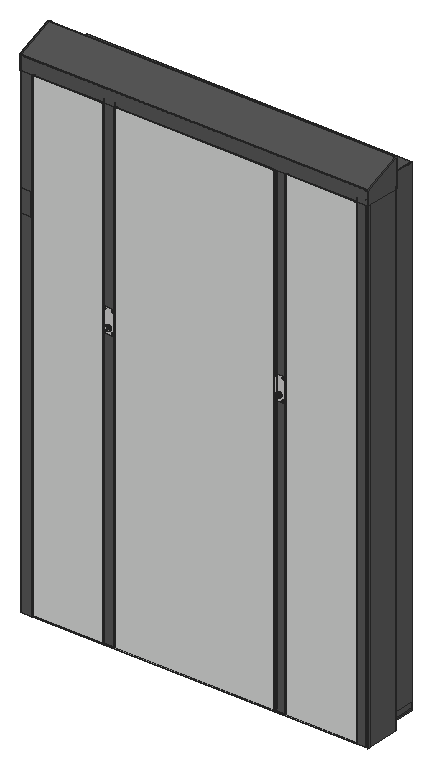
Revit family "98R031324", category Furniture, host Wall, Revit 2019 (continued)
Definition of nested family "8XR0313XX"
  Definition of nested family "14inch"
    Forms (in)
      Extrusion 7, solid, material <- "metal frame"
        sketch origin (0, 20, 0) x (1, 0, 0) y (0, 1, 0)
          loop
            arc (-215.08282, 14.71102) -> (-215.16598, 14.67658) -> (-215.20042, 14.59342) r 0.1176
            line (-215.20042, 14.59342) -> (-215.20042, 3.7266)
            arc (-215.20042, 3.7266) -> (-215.20489, 3.70363) -> (-215.21763, 3.684) r 0.06131
            arc (-215.21763, 3.684) -> (-215.23535, 3.66547) -> (-215.2494, 3.64402) r 0.14049
            arc (-215.2494, 3.64402) -> (-215.25949, 3.61774) -> (-215.26292, 3.58979) r 0.11553
            line (-215.26292, 3.58979) -> (-215.20312, 3.58979)
            arc (-215.20312, 3.58979) -> (-215.19896, 3.61239) -> (-215.187, 3.63203) r 0.06341
            arc (-215.187, 3.63203) -> (-215.15284, 3.67393) -> (-215.14062, 3.7266) r 0.1196
            line (-215.14062, 3.7266) -> (-215.14062, 14.59097)
            arc (-215.14062, 14.59097) -> (-215.12298, 14.63357) -> (-215.08038, 14.65122) r 0.06025
            line (-215.08038, 14.65122) -> (-214.20042, 14.65122) -> (-214.20042, 14.71102) -> (-215.08282, 14.71102)
        from 0.24656 to 82.75
      Extrusion 8, void
        sketch origin (-217.14062, 34.591, 0) x (0, 1, 0) y (0, 0, 1)
          loop
            line (-1.8817, 18.24656) -> (-2.59194, 18.24656) -> (-2.59194, 2.24656) -> (-1.8817, 2.24656) -> (-1.8817, 18.24656)
          loop
            line (-1.91148, 66.55906) -> (-2.59194, 66.55906) -> (-2.59194, 50.55906) -> (-1.91148, 50.55906) -> (-1.91148, 66.55906)
        from 0 to 1.28719
      Extrusion 9, void
        sketch origin (-184.79687, 34.591, 0) x (0, 1, 0) y (0, 0, -1)
          loop
            line (-7.53913, -18.24656) -> (-7.53913, -2.24656) -> (-8.16413, -2.24656) -> (-8.16413, -18.24656) -> (-7.53913, -18.24656)
        from 30.03039 to 32.9375
      Extrusion 10, void
        sketch origin (-217.14062, 28.98756, 0) x (0, 1, 0) y (0, 0, 1)
          loop
            line (-1.93859, 31.24656) -> (-2.56359, 31.24656) -> (-2.56359, 2.24656) -> (-1.93859, 2.24656) -> (-1.93859, 31.24656)
        from 1.28719 to 32.36619
      Extrusion 11, void
        sketch origin (-217.14062, 34.591, 0) x (0, 1, 0) y (0, 0, 1)
          loop
            line (-6.85143, 65.3125) -> (-8.16393, 65.3125) -> (-8.16393, 62.8125) -> (-6.85143, 62.8125) -> (-6.85143, 65.3125)
        from -5.5198 to 34.19636
      Extrusion 12, void
        sketch origin (-217.14062, 34.591, 0) x (0, 1, 0) y (0, 0, 1)
          loop
            line (-7.53913, 18.24656) -> (-8.16413, 18.24656) -> (-8.16413, 2.24656) -> (-7.53913, 2.24656) -> (-7.53913, 18.24656)
        from 29.96024 to 31.34375
    Cuts and joins
      Extrusion 2, Extrusion 5, Extrusion 8, Extrusion 9, Extrusion 10, Extrusion 11, Extrusion 12 cuts Extrusion 1
      Extrusion 5, Extrusion 9, Extrusion 11, Extrusion 12 cuts Extrusion 3
      Extrusion 6, Extrusion 9, Extrusion 10, Extrusion 11 cuts Extrusion 4
      Extrusion 6, Extrusion 10, Extrusion 11, Extrusion 12 cuts Extrusion 7
    Dimensions and locks (in)
      locked: plane 4 to plane 3 at 0.0598
      "Depth": plane 5 to plane 3
      locked: plane 7 to plane 6 at 0.06341
      locked: plane 6 to plane 4 at 0.02154
      aligned and locked: level to plane 1
      aligned and locked: plane 4 to Extrusion 1 sketch curve
      aligned and locked: plane 3 to Extrusion 1 sketch curve
    Automatic sketch dimensions
      Extrusion 1 sketch curve to plane 8 = 1' - 4.33082"
      Extrusion 1 sketch curve to plane 7 = 0' - 0.02473"
      Extrusion 1 sketch curve to Extrusion 1 sketch curve = 0' - 0.87998"
      Extrusion 1 sketch curve to Extrusion 1 sketch curve = 0' - 0.00084"
      Extrusion 1 sketch curve to plane 7 = 0' - 0.02556"
      Extrusion 1 sketch curve to plane 5 = 0' - 0.05979"
      Extrusion 1 sketch curve to Extrusion 1 sketch curve = 0' - 0.05956"
      plane 5 to Extrusion 1 sketch curve = 0' - 0"
      Extrusion 1 sketch curve to Extrusion 1 sketch curve = 0' - 0.00078"
      Extrusion 1 sketch curve to Extrusion 1 sketch curve = 0' - 1.76159"
      Extrusion 1 sketch curve to Extrusion 1 sketch curve = 0' - 0.00096"
      Extrusion 1 sketch curve to Extrusion 1 sketch curve = 0' - 0.05847"
      Extrusion 1 sketch curve to Extrusion 1 sketch curve = 0' - 0.0598"
      Extrusion 1 sketch curve to Extrusion 1 sketch curve = 0' - 0.25673"
      plane 7 to Extrusion 2 sketch curve = 0' - 1.91386"  (x2)
      Extrusion 2 sketch curve to Extrusion 2 sketch curve = 0' - 0 5/8"  (x2)
      Extrusion 2 sketch curve to plane 5 = 0' - 1.76429"
      Extrusion 2 sketch curve to Extrusion 2 sketch curve = 0' - 0 1/8"
      level to Extrusion 2 sketch curve = 5' - 5.55906"
      Extrusion 2 sketch curve to Extrusion 2 sketch curve = 0' - 10 13/16"
      Extrusion 2 sketch curve to Extrusion 2 sketch curve = 0' - 4 7/16"
      Extrusion 2 sketch curve to Extrusion 2 sketch curve = 0' - 4 1/8"
      level to Extrusion 2 sketch curve = 1' - 6.24656"
      level to Extrusion 2 sketch curve = 0' - 2.24656"
      plane 3 to Extrusion 3 sketch curve = 0' - 0"
      plane 4 to Extrusion 3 sketch curve = 0' - 0"
      plane 8 to Extrusion 3 sketch curve = 1' - 4.33083"
      Extrusion 3 sketch curve to plane 7 = 0' - 0.02473"
      Extrusion 3 sketch curve to Extrusion 3 sketch curve = 0' - 0.87998"
      Extrusion 3 sketch curve to Extrusion 3 sketch curve = 0' - 0.00084"
      Extrusion 3 sketch curve to plane 7 = 0' - 0.02556"
      Extrusion 3 sketch curve to plane 5 = 0' - 0.05979"
      Extrusion 3 sketch curve to Extrusion 3 sketch curve = 0' - 0.05956"
      plane 5 to Extrusion 3 sketch curve = 0' - 0"
      Extrusion 3 sketch curve to Extrusion 3 sketch curve = 0' - 0.00078"
      Extrusion 3 sketch curve to Extrusion 3 sketch curve = 0' - 1.76159"
      Extrusion 3 sketch curve to Extrusion 3 sketch curve = 0' - 0.00096"
      Extrusion 3 sketch curve to Extrusion 3 sketch curve = 0' - 0.05847"
      Extrusion 3 sketch curve to Extrusion 3 sketch curve = 0' - 0.0598"
      Extrusion 3 sketch curve to Extrusion 3 sketch curve = 0' - 0.25673"
      plane 3 to Extrusion 4 sketch curve = 0' - 0"
      plane 4 to Extrusion 4 sketch curve = 0' - 0"
      Extrusion 4 sketch curve to plane 5 = 0' - 0.37877"
      plane 8 to Extrusion 4 sketch curve = 1' - 1.51293"
      Extrusion 4 sketch curve to Extrusion 4 sketch curve = 0' - 0.00119"
      Extrusion 4 sketch curve to Extrusion 4 sketch curve = 0' - 0.00151"
      Extrusion 4 sketch curve to Extrusion 4 sketch curve = 0' - 0.0598"  (x3)
      Extrusion 4 sketch curve to Extrusion 4 sketch curve = 0' - 0.05573"
      Extrusion 4 sketch curve to plane 7 = 0' - 0.0247"
      Extrusion 4 sketch curve to Extrusion 4 sketch curve = 0' - 0.00768"
      Extrusion 4 sketch curve to Extrusion 4 sketch curve = 0' - 0.01436"
      Extrusion 4 sketch curve to Extrusion 4 sketch curve = 0' - 0.00244"
      Extrusion 4 sketch curve to Extrusion 4 sketch curve = 0' - 0.87995"
      Extrusion 4 sketch curve to Extrusion 4 sketch curve = 0' - 0.13681"
      Extrusion 4 sketch curve to Extrusion 4 sketch curve = 0' - 0"  (x2)
      Extrusion 4 sketch curve to Extrusion 4 sketch curve = 0' - 0 3/256"
      plane 7 to Extrusion 5 sketch curve = 0' - 1.91386"  (x2)
      Extrusion 5 sketch curve to Extrusion 5 sketch curve = 0' - 0 5/8"  (x2)
      Extrusion 5 sketch curve to plane 5 = 0' - 1.76429"
      Extrusion 5 sketch curve to Extrusion 5 sketch curve = 0' - 0 1/8"
      level to Extrusion 5 sketch curve = 0' - 2.24656"
      Extrusion 5 sketch curve to Extrusion 5 sketch curve = 1' - 4"
      Extrusion 5 sketch curve to Extrusion 5 sketch curve = 2' - 3 15/16"
      Extrusion 5 sketch curve to Extrusion 5 sketch curve = 0' - 4 1/8"
      Extrusion 5 sketch curve to Extrusion 5 sketch curve = 0' - 4 7/16"
      Extrusion 5 sketch curve to Extrusion 5 sketch curve = 0' - 10 13/16"
      plane 7 to Extrusion 6 sketch curve = 0' - 1.91386"  (x2)
      Extrusion 6 sketch curve to Extrusion 6 sketch curve = 0' - 0 5/8"  (x2)
      Extrusion 6 sketch curve to plane 5 = 0' - 1.76429"
      Extrusion 6 sketch curve to Extrusion 6 sketch curve = 0' - 0 1/8"
      level to Extrusion 6 sketch curve = 5' - 5.55906"
      Extrusion 6 sketch curve to Extrusion 6 sketch curve = 0' - 10 13/16"
      Extrusion 6 sketch curve to Extrusion 6 sketch curve = 0' - 4 7/16"
      Extrusion 6 sketch curve to Extrusion 6 sketch curve = 0' - 4 1/8"
      Extrusion 6 sketch curve to Extrusion 6 sketch curve = 1' - 2 15/16"
      level to Extrusion 6 sketch curve = 0' - 2.24656"
      plane 3 to Extrusion 7 sketch curve = 0' - 0"
      plane 4 to Extrusion 7 sketch curve = 0' - 0"
      Extrusion 7 sketch curve to plane 5 = 0' - 0.37877"
      Extrusion 7 sketch curve to plane 8 = 1' - 1.51292"
      Extrusion 7 sketch curve to Extrusion 7 sketch curve = 0' - 0.00119"
      Extrusion 7 sketch curve to Extrusion 7 sketch curve = 0' - 0.00151"
      Extrusion 7 sketch curve to Extrusion 7 sketch curve = 0' - 0.0598"  (x3)
      Extrusion 7 sketch curve to Extrusion 7 sketch curve = 0' - 0.05573"
      Extrusion 7 sketch curve to plane 7 = 0' - 0.0247"
      Extrusion 7 sketch curve to Extrusion 7 sketch curve = 0' - 0.00768"
      Extrusion 7 sketch curve to Extrusion 7 sketch curve = 0' - 0.01436"
      Extrusion 7 sketch curve to Extrusion 7 sketch curve = 0' - 0.00244"
      Extrusion 7 sketch curve to Extrusion 7 sketch curve = 0' - 0.87995"
      Extrusion 7 sketch curve to Extrusion 7 sketch curve = 0' - 0 3/256"
      Extrusion 7 sketch curve to Extrusion 7 sketch curve = 0' - 0.08257"
      Extrusion 7 sketch curve to Extrusion 7 sketch curve = 0' - 0"  (x2)
      Extrusion 8 sketch curve to Extrusion 1 = 0' - 2.59194"  (x2)
      Extrusion 8 sketch curve to Extrusion 8 sketch curve = 0' - 0.68045"
      Extrusion 8 sketch curve to Extrusion 8 sketch curve = 0' - 0.71023"
      Extrusion 8 sketch curve to Extrusion 1 = 0' - 2"
      Extrusion 8 sketch curve to Extrusion 8 sketch curve = 1' - 4"  (x2)
      Extrusion 8 sketch curve to Extrusion 8 sketch curve = 2' - 8 5/16"
      Extrusion 9 sketch curve to plane 5 = 0' - 3.21585"
      Extrusion 9 sketch curve to Extrusion 9 sketch curve = 0' - 0 5/8"
      level to Extrusion 9 sketch curve = 1' - 6.24656"
      level to Extrusion 9 sketch curve = 0' - 2.24656"
      Extrusion 1 to Extrusion 10 sketch curve = 0' - 3.09282"
      Extrusion 10 sketch curve to Extrusion 10 sketch curve = 0' - 0 5/8"
      Extrusion 10 sketch curve to Extrusion 1 = 0' - 2"
      Extrusion 10 sketch curve to Extrusion 10 sketch curve = 2' - 5"
      Extrusion 1 to Extrusion 11 sketch curve = 0' - 3.09592"
      Extrusion 11 sketch curve to Extrusion 11 sketch curve = 0' - 1 5/16"
      Extrusion 11 sketch curve to Extrusion 1 = 1' - 7 15/16"
      Extrusion 11 sketch curve to Extrusion 11 sketch curve = 0' - 2 1/2"
      Extrusion 1 to Extrusion 12 sketch curve = 0' - 3.09572"
      Extrusion 12 sketch curve to Extrusion 12 sketch curve = 0' - 0 5/8"
      Extrusion 12 sketch curve to Extrusion 1 = 0' - 2"
      Extrusion 12 sketch curve to Extrusion 12 sketch curve = 1' - 4"
  Definition of nested family "T FRAME"
    Parameters (values of type "-")
      metal frame = none
      URL = ""
      Type Comments = ""
      Top Frame B-H = 0' - 3.5506"
      Top Frame F-H = 0' - 2 77/256"
      Top Frame D = 0' - 3 7/32"
      Salvage or Reuse = yes
      Product Documentation Link = ""
      Percentage of Recycled Content = 0
      Model = ""
      Manufacturer = ""
      Low Emitting Material = yes
      Low Emitting Finish = yes
      Keynote = ""
      Description = ""
      Cost = 0
      Assembly Code = ""
    Types (2): name | URL | Type Comments | Top Frame B-H | Top Frame D | Product Documentation Link | Model | Manufacturer | Description
      - | "" | "" | 0' - 3.5506" | 0' - 3 7/32" | "" | "" | "" | ""
      88R031312 | "https://palmerhamilton.com/" | "Wall Pocket" | 0' - 4 45/64" | 0' - 6 1/16" | "https://palmerhamilton.com/product/wall-pockets/" | "88R031312" | "Palmer Hamilton" | "Single Retro-Fit Pocket"
    Reference planes (in)
      plane 1: z = 0
      plane 2: y = 23.15121
      plane 3: x = -201.75
      plane 4: y = 26.36996
      plane 5: y = 26.31016
      plane 6: y = 23.21101
      plane 7: z = 87.15476
      plane 8: z = 88.39844
      plane 9: z = 84.84784
      plane 10: z = 84.85398
    Forms (in)
      Extrusion 1, solid, material <- "metal frame"
        sketch origin (-42.62512, 19.87385, 6.26403) x (0, -1, 0) y (0, 0, -1)
          loop
            line (-3.33715, -78.58994) -> (-3.33715, -80.89073)
            arc (-3.33715, -80.89073) -> (-3.34725, -80.92396) -> (-3.37413, -80.94596) r 0.05974
            line (-3.37413, -80.94596) -> (-6.35963, -82.19157)
            arc (-6.35963, -82.19157) -> (-6.4117, -82.18141) -> (-6.4363, -82.13441) r 0.06123
            line (-6.4363, -82.13441) -> (-6.4363, -78.58381) -> (-6.4961, -78.58381) -> (-6.4961, -82.13441)
            arc (-6.4961, -82.13441) -> (-6.44303, -82.23379) -> (-6.33092, -82.24498) r 0.1196
            line (-6.33092, -82.24498) -> (-3.35206, -81.00202)
            arc (-3.35206, -81.00202) -> (-3.29773, -80.95776) -> (-3.27731, -80.89073) r 0.12022
            line (-3.27731, -80.89073) -> (-3.27731, -78.58994) -> (-3.33715, -78.58994)
        from -188.43738 to -129.81238
      Extrusion 2, solid, material <- "metal frame"
        sketch origin (-170.875, 19.87385, 6.26403) x (0, -1, 0) y (0, 0, -1)
          loop
            line (-3.77735, -78.47034) -> (-3.77735, -78.53014) -> (-3.39695, -78.53014)
            arc (-3.39695, -78.53014) -> (-3.35467, -78.54766) -> (-3.33715, -78.58994) r 0.0598
            line (-3.33715, -78.58994) -> (-3.27735, -78.58994)
            arc (-3.27735, -78.58994) -> (-3.31238, -78.50537) -> (-3.39695, -78.47034) r 0.1196
            line (-3.39695, -78.47034) -> (-3.77735, -78.47034)
        from -15.46825 to -3.64063
      Extrusion 3, solid, material <- "metal frame"
        sketch origin (-182.875, 19.87385, 6.26403) x (0, -1, 0) y (0, 0, -1)
          loop
            line (-3.77735, -78.47034) -> (-3.77735, -78.53014) -> (-3.39695, -78.53014)
            arc (-3.39695, -78.53014) -> (-3.35467, -78.54766) -> (-3.33715, -78.58994) r 0.0598
            line (-3.33715, -78.58994) -> (-3.27735, -78.58994)
            arc (-3.27735, -78.58994) -> (-3.31238, -78.50537) -> (-3.39695, -78.47034) r 0.1196
            line (-3.39695, -78.47034) -> (-3.77735, -78.47034)
        from -32.2505 to -5.4995
      Extrusion 4, solid, material <- "metal frame"
        sketch origin (-202.625, 19.87385, 6.26403) x (0, -1, 0) y (0, 0, -1)
          loop
            line (-3.77735, -78.47034) -> (-3.77735, -78.53014) -> (-3.39695, -78.53014)
            arc (-3.39695, -78.53014) -> (-3.35467, -78.54766) -> (-3.33715, -78.58994) r 0.0598
            line (-3.33715, -78.58994) -> (-3.27735, -78.58994)
            arc (-3.27735, -78.58994) -> (-3.31238, -78.50537) -> (-3.39695, -78.47034) r 0.1196
            line (-3.39695, -78.47034) -> (-3.77735, -78.47034)
        from -26.35938 to -14.53175
      Extrusion 5, solid, material <- "metal frame"
        sketch origin (-172.4375, 19.87385, 6.26403) x (0, -1, 0) y (0, 0, -1)
          loop
            line (-6.43552, -78.58381) -> (-6.43552, -82.13408)
            arc (-6.43552, -82.13408) -> (-6.41092, -82.18109) -> (-6.35885, -82.19124) r 0.06123
            line (-6.35885, -82.19124) -> (-3.37335, -80.94563)
            arc (-3.37335, -80.94563) -> (-3.34733, -80.92488) -> (-3.33645, -80.89342) r 0.05974
            line (-3.33645, -80.89342) -> (-3.33645, -78.58381) -> (-6.43552, -78.58381)
        from -0.18202 to 0
      Extrusion 6, solid, material <- "metal frame"
        sketch origin (-232.625, 19.87385, 6.26403) x (0, -1, 0) y (0, 0, 1)
          loop
            line (-6.43552, 78.58381) -> (-3.33645, 78.58381) -> (-3.33645, 80.89342)
            arc (-3.33645, 80.89342) -> (-3.34733, 80.92488) -> (-3.37335, 80.94563) r 0.05974
            line (-3.37335, 80.94563) -> (-6.35885, 82.19124)
            arc (-6.35885, 82.19124) -> (-6.41092, 82.18109) -> (-6.43552, 82.13408) r 0.06123
            line (-6.43552, 82.13408) -> (-6.43552, 78.58381)
        from -1.72523 to -1.5625
    Dimensions and locks (in)
      plane 2 to plane 6 = 0' - 0.0598"
      "Top Frame D": plane 2 to plane 4
      locked: plane 5 to plane 4 at 0.0598
      "Top Frame B-H": plane 8 to plane 9
      "Top Frame F-H": plane 7 to plane 10
      aligned and locked: level to plane 1
      aligned and locked: plane 6 to Extrusion 1
      aligned and locked: Extrusion 1 sketch curve to plane 4
      aligned and locked: Extrusion 1 sketch curve to plane 5
      aligned and locked: plane 8 to Extrusion 1 sketch curve  (x2)
      aligned and locked: Extrusion 1 sketch curve to plane 9
      aligned and locked: plane 10 to Extrusion 1 sketch curve
      aligned and locked: plane 7 to Extrusion 1 sketch curve  (x2)
    Automatic sketch dimensions
      Extrusion 1 sketch curve to plane 6 = 0' - 0"
      Extrusion 1 sketch curve to plane 5 = 0' - 0.0598"
      Extrusion 1 sketch curve to Extrusion 1 sketch curve = 0' - 0.0014"
      Extrusion 1 sketch curve to Extrusion 1 sketch curve = 0' - 0.01687"
      Extrusion 1 sketch curve to Extrusion 1 sketch curve = 0' - 0.02871"
      Extrusion 1 sketch curve to Extrusion 1 sketch curve = 0' - 0.06038"
      Extrusion 1 sketch curve to Extrusion 1 sketch curve = 0' - 0.00064"
      plane 6 to Extrusion 1 sketch curve = 0' - 0.03698"
      plane 6 to Extrusion 1 sketch curve = 0' - 0.01491"
      plane 2 to Extrusion 1 sketch curve = 0' - 0.00004"
      plane 8 to Extrusion 1 sketch curve = 0' - 0.05716"
      Extrusion 2 sketch curve to plane 10 = 0' - 0"
      Extrusion 2 sketch curve to plane 6 = 0' - 0"
      Extrusion 2 sketch curve to plane 2 = 0' - 0"
      Extrusion 2 sketch curve to plane 9 = 0' - 0.05366"
      Extrusion 2 sketch curve to Extrusion 2 sketch curve = 0' - 0"
      Extrusion 2 sketch curve to Extrusion 2 sketch curve = 0' - 0.3804"
      Extrusion 3 sketch curve to plane 10 = 0' - 0"
      Extrusion 3 sketch curve to plane 6 = 0' - 0"
      Extrusion 3 sketch curve to plane 2 = 0' - 0"
      Extrusion 3 sketch curve to plane 9 = 0' - 0.05366"
      Extrusion 3 sketch curve to Extrusion 3 sketch curve = 0' - 0"
      Extrusion 3 sketch curve to Extrusion 3 sketch curve = 0' - 0.3804"
      Extrusion 4 sketch curve to plane 10 = 0' - 0"
      Extrusion 4 sketch curve to plane 6 = 0' - 0"
      Extrusion 4 sketch curve to plane 2 = 0' - 0"
      Extrusion 4 sketch curve to plane 9 = 0' - 0.05366"
      Extrusion 4 sketch curve to Extrusion 4 sketch curve = 0' - 0"
      Extrusion 4 sketch curve to Extrusion 4 sketch curve = 0' - 0.3804"
      Extrusion 5 sketch curve to Extrusion 1 = 0' - 0"  (x2)
      Extrusion 1 to Extrusion 5 sketch curve = 0' - 0"
      Extrusion 1 to Extrusion 5 sketch curve = 0' - 0.00078"
      Extrusion 5 sketch curve to Extrusion 5 sketch curve = 0' - 0.0612"
      Extrusion 5 sketch curve to Extrusion 5 sketch curve = 0' - 0.01547"
      Extrusion 1 to Extrusion 5 sketch curve = 0' - 0.05896"
      Extrusion 1 to Extrusion 5 sketch curve = 0' - 0.0362"
      Extrusion 5 sketch curve to Extrusion 1 = 0' - 0.0007"
      Extrusion 5 sketch curve to Extrusion 5 sketch curve = 0' - 0.05716"
      Extrusion 5 sketch curve to Extrusion 5 sketch curve = 0' - 0.05221"
      Extrusion 6 sketch curve to plane 9 = 0' - 0"
      Extrusion 6 sketch curve to plane 5 = 0' - 0.00078"
      Extrusion 6 sketch curve to plane 8 = 0' - 0.00241"
      Extrusion 6 sketch curve to Extrusion 6 sketch curve = 0' - 0.0612"
      plane 8 to Extrusion 6 sketch curve = 0' - 0.05683"
      Extrusion 6 sketch curve to Extrusion 6 sketch curve = 0' - 0.01547"
      Extrusion 6 sketch curve to plane 7 = 0' - 0.00033"
      plane 6 to Extrusion 6 sketch curve = 0' - 0.05896"
      plane 6 to Extrusion 6 sketch curve = 0' - 0.0362"
      Extrusion 6 sketch curve to plane 6 = 0' - 0.0007"
      plane 7 to Extrusion 6 sketch curve = 0' - 0.0027"
  Definition of nested family "16H V2"
    Parameters (values of type "16H V2")
      metal frame = none
      URL = ""
      Type Comments = ""
      16"H V1 = yes
      Salvage or Reuse = yes
      Product Documentation Link = ""
      Percentage of Recycled Content = 0
      Model = ""
      Manufacturer = ""
      Low Emitting Material = yes
      Low Emitting Finish = yes
      Keynote = ""
      Description = ""
      Cost = 0
      Assembly Code = ""
    Reference planes (in)
      plane 1: z = 0
      plane 2: y = 23.15121
      plane 3: x = -201.75
    Forms (in)
      Extrusion 1, solid, material <- "metal frame"
        sketch origin (27.32542, -9.18807, -2.24656) x (1, 0, 0) y (0, 1, 0)
          loop
            line (-229.19479, 32.67951) -> (-229.57979, 32.67951)
            arc (-229.57979, 32.67951) -> (-229.66283, 32.64511) -> (-229.69722, 32.56207) r 0.11744
            line (-229.69722, 32.56207) -> (-229.69722, 32.11649)
            arc (-229.69722, 32.11649) -> (-229.66283, 32.03345) -> (-229.57979, 31.99905) r 0.11744
            line (-229.57979, 31.99905) -> (-229.19479, 31.99905)
            arc (-229.19479, 31.99905) -> (-229.15267, 31.98161) -> (-229.13522, 31.93949) r 0.05956
            line (-229.13522, 31.93949) -> (-229.13522, 31.30885) -> (-229.07542, 31.30885) -> (-229.07542, 31.94019)
            arc (-229.07542, 31.94019) -> (-229.11018, 32.0241) -> (-229.19409, 32.05885) r 0.11866
            line (-229.19409, 32.05885) -> (-229.57877, 32.05885)
            arc (-229.57877, 32.05885) -> (-229.62025, 32.07603) -> (-229.63742, 32.11751) r 0.05865
            line (-229.63742, 32.11751) -> (-229.63742, 32.56105)
            arc (-229.63742, 32.56105) -> (-229.62025, 32.60253) -> (-229.57877, 32.61971) r 0.05865
            line (-229.57877, 32.61971) -> (-229.19409, 32.61971)
            arc (-229.19409, 32.61971) -> (-229.11018, 32.65446) -> (-229.07542, 32.73837) r 0.11866
            line (-229.07542, 32.73837) -> (-229.07542, 33.36971) -> (-229.13522, 33.36971) -> (-229.13522, 32.73907)
            arc (-229.13522, 32.73907) -> (-229.15267, 32.69695) -> (-229.19479, 32.67951) r 0.05956
        from 2.24656 to 18.24656
    Dimensions and locks (in)
      aligned and locked: level to plane 1
  Definition of nested family "16H V7"
    Parameters (values of type "16H V7")
      metal frame = none
      URL = ""
      Type Comments = ""
      16"H V1 = yes
      Salvage or Reuse = yes
      Product Documentation Link = ""
      Percentage of Recycled Content = 0
      Model = ""
      Manufacturer = ""
      Low Emitting Material = yes
      Low Emitting Finish = yes
      Keynote = ""
      Description = ""
      Cost = 0
      Assembly Code = ""
    Reference planes (in)
      plane 1: z = 0
      plane 2: y = 23.15121
      plane 3: x = -201.75
    Forms (in)
      Extrusion 1, solid, material <- "metal frame"
        sketch origin (27.32542, -9.18807, -2.24656) x (1, 0, 0) y (0, 1, 0)
          loop
            line (-229.19479, 32.67951) -> (-229.57979, 32.67951)
            arc (-229.57979, 32.67951) -> (-229.66283, 32.64511) -> (-229.69722, 32.56207) r 0.11744
            line (-229.69722, 32.56207) -> (-229.69722, 32.11649)
            arc (-229.69722, 32.11649) -> (-229.66283, 32.03345) -> (-229.57979, 31.99905) r 0.11744
            line (-229.57979, 31.99905) -> (-229.19479, 31.99905)
            arc (-229.19479, 31.99905) -> (-229.15267, 31.98161) -> (-229.13522, 31.93949) r 0.05956
            line (-229.13522, 31.93949) -> (-229.13522, 31.30885) -> (-229.07542, 31.30885) -> (-229.07542, 31.94019)
            arc (-229.07542, 31.94019) -> (-229.11018, 32.0241) -> (-229.19409, 32.05885) r 0.11866
            line (-229.19409, 32.05885) -> (-229.57877, 32.05885)
            arc (-229.57877, 32.05885) -> (-229.62025, 32.07603) -> (-229.63742, 32.11751) r 0.05865
            line (-229.63742, 32.11751) -> (-229.63742, 32.56105)
            arc (-229.63742, 32.56105) -> (-229.62025, 32.60253) -> (-229.57877, 32.61971) r 0.05865
            line (-229.57877, 32.61971) -> (-229.19409, 32.61971)
            arc (-229.19409, 32.61971) -> (-229.11018, 32.65446) -> (-229.07542, 32.73837) r 0.11866
            line (-229.07542, 32.73837) -> (-229.07542, 33.36971) -> (-229.13522, 33.36971) -> (-229.13522, 32.73907)
            arc (-229.13522, 32.73907) -> (-229.15267, 32.69695) -> (-229.19479, 32.67951) r 0.05956
        from 2.24656 to 18.24656
    Dimensions and locks (in)
      aligned and locked: level to plane 1
